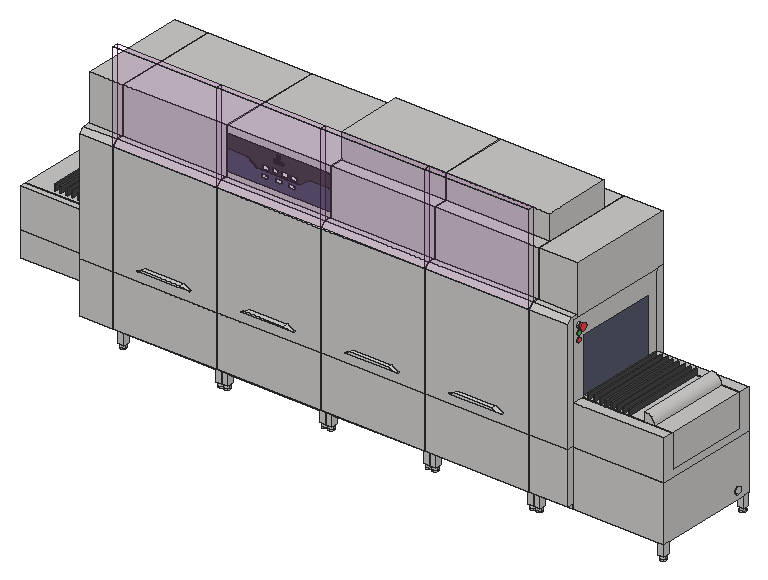
Revit family "QF_ELECTROLUXPROFESSIONAL_520047_EFTD064EL2U1D1M5EL385", category Attrezzature speciali, Revit 2020
Family settings
  Quota connettore circolare = Usa diametro
  Tipo di parte = Normale
  Basato su piano di lavoro = No
  Sempre verticale = Sì
  Taglio con vuoti quando caricato = No
  Condiviso = No
  Punto di calcolo locali = No
Parameters (values of type "Standard")
  Weight = 1158.00 kg
  Watts = 44700 W
  Volts = 380 V
  URL Manufacturer = "https://www.electroluxprofessional.com/"
  URL = "https://www.electroluxprofessional.com/"
  Steam Supply Size = 0 mm
  Steam Supply Minimum Pressure = 0.0 Pa
  Steam Supply Maximum Pressure = 0.0 Pa
  Steam Consumption per Hour = 0
  Show Logo [instance] = yes
  Show Clearance [instance] = yes
  Refrigeration Suction Line Size = 0 mm
  Refrigeration Liquid Line Size = 0 mm
  Refrigerant Compressor Remote = yes
  Prospetto di default = 0 mm
  Produttore = "Electrolux Professional"
  Phase = 3
  Modello = "EFTD064EL2U1D1M5EL385"
  Length Actual = 5150 mm  # constant formula
  Item Number = "520047"
  Hot Water Size = 0 mm
  Height Actual = 1983 mm  # constant formula
  HP = "59.9 HP"
  Gas Size = 0 mm
  Gas KW = 0
  Gas Input Pressure = 0 W
  Direct Waste Size = 50.8 mm
  Descrizione = "FT, 2TANKS, 6400D/H, EL., 950MM LOADING, 1000MM UNLOADING, 1DRYER, 55MM CONVEYOR,ESD,L>R,380V50HZ3P"
  Depth Actual = 946 mm  # constant formula
  Cycle = 50 Hz
  Condensate Return Size = 0 mm
  Compressed Air Volume = 0.0 L/s
  Compressed Air Size = 0 mm
  Compressed Air Pressure = 0.0 Pa
  Cold Water Size = 0 mm
  Accessory = yes
Reference planes
  plane 1 "Centro (Fronte/Retro)": y = 0
  plane 2: z = 0
  plane 3 "Centro (Sinistra/Destra)": x = 0
  plane 4: z = 115
Forms (mm)
  Extrusion 1, solid, material "QF_Finishes_Stainless Steel"
    sketch origin (1232.404, 2, 1806.023) x (1, 0, 0) y (0, 0, 1)
      loop
        line (407.596, -163.023) -> (407.596, -183.023) -> (427.596, -183.023) -> (427.596, -163.023) -> (407.596, -163.023)
    from 0 to 2
  Extrusion 2, solid, material "QF_Finishes_Stainless Steel"
    sketch origin (4955.617, -934.464, 1290.159) x (0, 0, -1) y (0, -1, 0)
      loop
        circle (1102.159, -772.464) r 25
    from -9.383 to 5.617
  Extrusion 3, solid, material "QF_Finishes_Stainless Steel"
    sketch origin (1892.404, 2, 337.984) x (1, 0, 0) y (0, 0, 1)
      loop
        line (407.596, -163.023) -> (407.596, -183.023) -> (427.596, -183.023) -> (427.596, -163.023) -> (407.596, -163.023)
    from 0 to 2
  Extrusion 4, solid, material "QF_Finishes_Stainless Steel"
    sketch origin (1697.841, 200.464, 109.383) x (1, 0, 0) y (0, 1, 0)
      loop
        circle (1102.159, -772.464) r 10
    from -9.383 to 5.617
Dimensions and locks
  plane 4 to level = 115 mm
  aligned and locked: level to plane 2
Nested families
  nested 1: "MODULO_CENTER_800_FAN" at (2733.563, -388.258, 0), Show Clearance <- "Show Clearance", type "MODULO_CENTER_800_FAN"
    with Show Logo yes, Show Clearance yes, R_L no, L_R yes
  nested 2: "MODULO_CENTER_800_FAN" at (3533.563, -388.258, 0), Show Clearance <- "Show Clearance", type "MODULO_CENTER_800_FAN"
    with Show Logo yes, Show Clearance yes, R_L no, L_R yes
  nested 3: "MODULO_CENTER_800" at (1933.563, -388.258, 0), Show Clearance <- "Show Clearance", type "MODULO_CENTER_800"
    with Show Logo yes, Show Clearance yes, R_L no, L_R yes
  nested 4: "MODULO_ENTRY_DISH_750" at (358.563, -388.258, 0), type "MODULO_ENTRY_DISH_750"
    with Show Logo yes, Show Clearance yes, R_L no, L_R yes
  nested 5: "MODULO_USCITA_DISH_1000" at (4308.563, -388.258, 0), type "MODULO_USCITA_DISH_1000"
    with Show Logo yes, Show Clearance yes, R_L yes, L_R no
  nested 6: "Piedino_Square_115H" at (4926.5, -73.5, 0) x (-1, 0, 0) z (0, 0, 1), type "Piedino_Square_115H"
  nested 7: "Piedino_Square_115H" at (4926.5, -838.5, 0) x (-1, 0, 0) z (0, 0, 1), type "Piedino_Square_115H"
  nested 8: "Piedino_Square_115H" at (3973.5, -73.5, 0) x (-1, 0, 0) z (0, 0, 1), type "Piedino_Square_115H"
  nested 9: "Piedino_Square_115H" at (3973.5, -838.5, 0) x (-1, 0, 0) z (0, 0, 1), type "Piedino_Square_115H"
  nested 10: "Piedino_Square_115H" at (2373.5, -838.5, 0), type "Piedino_Square_115H"
  nested 11: "Piedino_Square_115H" at (2373.5, -73.5, 0), type "Piedino_Square_115H"
  nested 12: "Piedino_Square_115H" at (3126.5, -838.5, 0), type "Piedino_Square_115H"
  nested 13: "Piedino_Square_115H" at (3126.5, -73.5, 0), type "Piedino_Square_115H"
  nested 14: "Piedino_Square_115H" at (3173.5, -838.5, 0) x (-1, 0, 0) z (0, 0, 1), type "Piedino_Square_115H"
  nested 15: "Piedino_Square_115H" at (3173.5, -73.5, 0) x (-1, 0, 0) z (0, 0, 1), type "Piedino_Square_115H"
  nested 16: "Piedino_Square_115H" at (3926.5, -838.5, 0) x (-1, 0, 0) z (0, 0, 1), type "Piedino_Square_115H"
  nested 17: "Piedino_Square_115H" at (3926.5, -73.5, 0) x (-1, 0, 0) z (0, 0, 1), type "Piedino_Square_115H"
  nested 18: "Piedino_Square_115H" at (1573.5, -838.5, 0), type "Piedino_Square_115H"
  nested 19: "Piedino_Square_115H" at (1573.5, -73.5, 0), type "Piedino_Square_115H"
  nested 20: "Piedino_Square_115H" at (2326.5, -838.5, 0), type "Piedino_Square_115H"
  nested 21: "Piedino_Square_115H" at (2326.5, -73.5, 0), type "Piedino_Square_115H"
  nested 22: "MANIGLIA_FLIGHT_400" at (1950, -912, 639.28) x (1, 0, 0) z (0, -1, 0), type "MANIGLIA_FLIGHT_400"
  nested 23: "MANIGLIA_FLIGHT_400" at (3550, -912, 639.28) x (1, 0, 0) z (0, -1, 0), type "MANIGLIA_FLIGHT_400"
  nested 24: "MANIGLIA_FLIGHT_400" at (2750, -912, 639.28) x (1, 0, 0) z (0, -1, 0), type "MANIGLIA_FLIGHT_400"
  nested 25: "MODULO_CENTER_800" at (1166.437, -388.258, 0) x (-1, 0, 0) z (0, 0, 1), Show Clearance <- "Show Clearance", type "MODULO_CENTER_800"
    with Show Logo yes, Show Clearance yes, R_L no, L_R yes
  nested 26: "Piedino_Square_115H" at (1526.5, -838.5, 0) x (-1, 0, 0) z (0, 0, 1), type "Piedino_Square_115H"
  nested 27: "Piedino_Square_115H" at (1526.5, -73.5, 0) x (-1, 0, 0) z (0, 0, 1), type "Piedino_Square_115H"
  nested 28: "Piedino_Square_115H" at (773.5, -838.5, 0) x (-1, 0, 0) z (0, 0, 1), type "Piedino_Square_115H"
  nested 29: "Piedino_Square_115H" at (773.5, -73.5, 0) x (-1, 0, 0) z (0, 0, 1), type "Piedino_Square_115H"
  nested 30: "MANIGLIA_FLIGHT_400" at (1150, -912, 639.28) x (-1, 0, 0) z (0, -1, 0), type "MANIGLIA_FLIGHT_400"
  nested 31: "Schermo_Flight_800" at (1950, -815, 1588.487) x (1, 0, 0) z (0, -1, 0), type "Schermo_Flight_800"
  nested 32: "ELX_LOGO_WORDS_WHITE" at (1950, -816.6, 1678.487) x (1, 0, 0) z (0, -1, 0), Show Logo <- "Show Logo", visible <- "Show Logo", type "ELX_LOGO_WORDS_WHITE"
    with Show Logo yes
  nested 33: "ELX_LOGO_MONO_SMALL_WHITE" at (1940.08, -816.6, 1664.487) x (-1, 0, 0) z (0, -1, 0), Show Logo <- "Show Logo", visible <- "Show Logo", type "ELX_LOGO_MONO_SMALL_WHITE"
    with Show Logo yes
Connectors
  electrical at (1650, 2, 1633)
    settings: on Extrusion 1, index 69, voltage 0 V, apparent load 0 VA, apparent load phase1 0 VA, apparent load phase2 0 VA, apparent load phase3 0 VA, power factor 1, load classification "Altro", number of poles 1, system type 30, power factor state 1, is connector primary yes, connector utility no, sub classification motor no, connector description "EI"
  piping at (4965, -162, 188), diameter 50
    settings: on Extrusion 2, index 70, connector inside diameter 609.6 mm, connector length 0 mm, flow factor 0, pipe flow 0.0 L/s, pressure drop 0.0 Pa, fitting loss kfactor 0, connector angle 0.00°, fixture units 0, engagement length 0 mm, angle of deflection 0.00°, flow configuration 0, flow direction 0, fitting loss method 0, system type 29, joint type 0, gender type 0, connector reference index -1, connector utility 0, adjustable connector no, is connector primary yes, connector description "D"
  electrical at (2310, 2, 164.961)
    settings: on Extrusion 3, index 71, voltage 0 V, apparent load 0 VA, apparent load phase1 0 VA, apparent load phase2 0 VA, apparent load phase3 0 VA, power factor 1, load classification "Altro", number of poles 1, system type 30, power factor state 1, is connector primary no, connector utility no, sub classification motor no, connector description "EQ"
  piping at (2800, -572, 100), diameter 19.1
    settings: on Extrusion 4, index 72, connector inside diameter 609.6 mm, connector length 0 mm, flow factor 0, pipe flow 0.0 L/s, pressure drop 0.0 Pa, fitting loss kfactor 0, connector angle 0.00°, fixture units 0, engagement length 0 mm, angle of deflection 0.00°, flow configuration 0, flow direction 0, fitting loss method 0, system type 29, joint type 0, gender type 0, connector reference index -1, connector utility 0, adjustable connector no, is connector primary no, connector description "HWI/CWI"
Definition of nested family "MODULO_CENTER_800_FAN"
  Parameters (values of type "MODULO_CENTER_800_FAN")
    URL = "http://professional.electrolux.com"
    Show Logo [instance] = yes
    R_L [instance] = not(L_R)  # no
    Default Elevation = 0 mm
    Manufacturer = "Electrolux"
    Model = "ESR10E5"
    Length Actual = 800 mm
    Show Clearance [instance] = yes
    L_R [instance] = yes
    Height Actual = 1792 mm
    Description = "SINGLE RINSE RT, 100R/H, ELECTRIC 50HZ"
    Depth Actual = 912 mm
  Reference planes
    plane 1 "Center X": y = -67.742
    plane 2: z = 0
    plane 3 "LEFT": x = -383.563
    plane 4 "RIGHT": x = 416.437
    plane 5 "BACK": y = 388.258
    plane 6 "FEET": z = 115
    plane 7: z = 2092
    plane 8 "TOP": z = 1792
    plane 9 "FRONT": y = -523.742
    plane 10 "Left/Right": x = 16.437
    plane 11 "TopVent": z = 1983
  Forms (mm)
    Extrusion 1, solid
      sketch origin (416.437, 479.936, 4000) x (0, 1, 0) y (0, 0, 1)
        loop
          line (-91.678, -2208) -> (-906.678, -2208) -> (-906.678, -2580) -> (-91.678, -2580) -> (-91.678, -2208)
      from -800 to 0
    Extrusion 2, solid
      sketch origin (-383.563, 437.565, 3910) x (0, 1, 0) y (0, 0, 1)
        loop
          line (-99.307, -2490) -> (-911.307, -2490) -> (-911.307, -3552) -> (-99.307, -3552) -> (-99.307, -2490)
      from 800 to 0
    Extrusion 3, solid
      sketch origin (416.437, 479.936, 4299) x (0, 1, 0) y (0, 0, 1)
        loop
          line (-278.21, -2316) -> (-803.678, -2316) -> (-803.678, -2507) -> (-278.21, -2507) -> (-278.21, -2316)
      from -800 to 0
    Extrusion 4, solid
      sketch origin (16.437, 0, 1.5) x (0, 0, 1) y (0, -1, 0)
        loop
          line (356.5, -338.258) -> (356.5, 473.742) -> (113.5, 473.742) -> (113.5, -338.258) -> (356.5, -338.258)
      from 400 to -400
    Extrusion 5, solid
      sketch origin (16.437, 0, 0) x (0, 0, 1) y (0, -1, 0)
        loop
          line (1420, -338.258) -> (545, -338.258) -> (545, -388.258) -> (1420, -388.258) -> (1420, -338.258)
      from -400 to 400
    Extrusion 6, solid
      sketch origin (16.437, 0, 0) x (0, 0, 1) y (0, -1, 0)
        loop
          line (545, -388.258) -> (545, -338.258) -> (154, -338.258) -> (154, -388.258) -> (545, -388.258)
      from -400 to 400
    Extrusion 7, solid
      sketch origin (16.437, -882.484, -150) x (0, -1, 0) y (0, 0, 1)
        loop
          line (-358.742, 304) -> (-358.742, 695) -> (-408.742, 695) -> (-408.742, 304) -> (-358.742, 304)
      from -400 to 400
    Extrusion 8, solid
      sketch origin (16.437, -882.484, -151) x (0, -1, 0) y (0, 0, 1)
        loop
          line (-408.742, 1571) -> (-408.742, 696) -> (-358.742, 696) -> (-358.742, 1556) -> (-395.742, 1593) -> (-443.742, 1593) -> (-443.742, 1571) -> (-408.742, 1571)
      from -400 to 400
    Extrusion 9, solid, visible <- "Show Clearance"
      sketch origin (16.437, -882.484, 452) x (0, -1, 0) y (0, 0, 1)
        loop
          line (-408.742, 1640) -> (-408.742, 953.624) -> (-358.742, 953.624) -> (-358.742, 1640) -> (-408.742, 1640)
      from -400 to 400
  Dimensions and locks
    plane 3 "LEFT" to plane 4 "RIGHT" = 800 mm
    plane 5 "BACK" to plane 1 "Center X" to plane 9 "FRONT" = 456 mm, 456 mm
    plane 6 "FEET" to level = 115 mm  (x2)
    plane 6 "FEET" to plane 8 "TOP" = 1677 mm
    plane 5 "BACK" to plane 9 "FRONT" = 912 mm  (x2)
    plane 4 "RIGHT" to plane 3 "LEFT" = 800 mm
    plane 9 "FRONT" to plane 5 "BACK" = 912 mm
    level to plane 8 "TOP" = 1792 mm  (x2)
    plane 7 to level = 2092 mm
    plane 11 "TopVent" to plane 2 = 1983 mm
    plane 7 to plane 2 = 2092 mm
    Extrusion 2 to level = 1420 mm
    Extrusion 8 to level = 1442 mm
    plane 11 "TopVent" to level = 1983 mm
    aligned and locked: level to plane 2
Definition of nested family "MODULO_CENTER_800"
  Parameters (values of type "MODULO_CENTER_800")
    URL = "http://professional.electrolux.com"
    Show Logo [instance] = yes
    R_L [instance] = not(L_R)  # no
    Default Elevation = 0 mm
    Manufacturer = "Electrolux"
    Model = "ESR10E5"
    Length Actual = 800 mm
    Show Clearance [instance] = yes
    L_R [instance] = yes
    Height Actual = 1792 mm
    Description = "SINGLE RINSE RT, 100R/H, ELECTRIC 50HZ"
    Depth Actual = 912 mm
  Reference planes
    plane 1 "Center X": y = -67.742
    plane 2: z = 0
    plane 3 "LEFT": x = -383.563
    plane 4 "RIGHT": x = 416.437
    plane 5 "BACK": y = 388.258
    plane 6 "FEET": z = 115
    plane 7: z = 2092
    plane 8 "TOP": z = 1792
    plane 9 "FRONT": y = -523.742
    plane 10 "Left/Right": x = 16.437
  Forms (mm)
    Extrusion 1, solid
      sketch origin (416.437, 479.936, 4000) x (0, 1, 0) y (0, 0, 1)
        loop
          line (-91.678, -2208) -> (-906.678, -2208) -> (-906.678, -2580) -> (-91.678, -2580) -> (-91.678, -2208)
      from -800 to 0
    Extrusion 2, solid
      sketch origin (-383.563, 437.565, 3915) x (0, 1, 0) y (0, 0, 1)
        loop
          line (-99.307, -2495) -> (-911.307, -2495) -> (-911.307, -3557) -> (-99.307, -3557) -> (-99.307, -2495)
      from 800 to 0
    Extrusion 3, solid
      sketch origin (16.437, 0, 1.5) x (0, 0, 1) y (0, -1, 0)
        loop
          line (356.5, -338.258) -> (356.5, 473.742) -> (113.5, 473.742) -> (113.5, -338.258) -> (356.5, -338.258)
      from 400 to -400
    Extrusion 4, solid
      sketch origin (16.437, 0, 0) x (0, 0, 1) y (0, -1, 0)
        loop
          line (1420, -338.258) -> (545, -338.258) -> (545, -388.258) -> (1420, -388.258) -> (1420, -338.258)
      from -400 to 400
    Extrusion 5, solid
      sketch origin (16.437, 0, 0) x (0, 0, 1) y (0, -1, 0)
        loop
          line (545, -388.258) -> (545, -338.258) -> (154, -338.258) -> (154, -388.258) -> (545, -388.258)
      from -400 to 400
    Extrusion 6, solid
      sketch origin (16.437, -882.484, -150) x (0, -1, 0) y (0, 0, 1)
        loop
          line (-358.742, 304) -> (-358.742, 695) -> (-408.742, 695) -> (-408.742, 304) -> (-358.742, 304)
      from -400 to 400
    Extrusion 7, solid
      sketch origin (16.437, -882.484, -151) x (0, -1, 0) y (0, 0, 1)
        loop
          line (-408.742, 1571) -> (-408.742, 696) -> (-358.742, 696) -> (-358.742, 1556) -> (-395.742, 1593) -> (-443.742, 1593) -> (-443.742, 1571) -> (-408.742, 1571)
      from -400 to 400
    Extrusion 8, solid, visible <- "Show Clearance"
      sketch origin (16.437, -882.484, 452) x (0, -1, 0) y (0, 0, 1)
        loop
          line (-408.742, 1640) -> (-408.742, 953.624) -> (-358.742, 953.624) -> (-358.742, 1640) -> (-408.742, 1640)
      from -400 to 400
  Dimensions and locks
    plane 3 "LEFT" to plane 4 "RIGHT" = 800 mm
    plane 5 "BACK" to plane 1 "Center X" to plane 9 "FRONT" = 456 mm, 456 mm
    plane 6 "FEET" to level = 115 mm  (x2)
    plane 6 "FEET" to plane 8 "TOP" = 1677 mm
    plane 5 "BACK" to plane 9 "FRONT" = 912 mm  (x2)
    plane 4 "RIGHT" to plane 3 "LEFT" = 800 mm
    plane 9 "FRONT" to plane 5 "BACK" = 912 mm
    level to plane 8 "TOP" = 1792 mm  (x2)
    plane 7 to level = 2092 mm
    plane 7 to plane 2 = 2092 mm
    Extrusion 2 to level = 1420 mm
    Extrusion 7 to level = 1442 mm
    aligned and locked: level to plane 2
Definition of nested family "MODULO_ENTRY_DISH_750"
  Parameters (values of type "MODULO_ENTRY_DISH_750")
    URL = "http://professional.electrolux.com"
    Show Logo [instance] = yes
    R_L [instance] = not(L_R)  # no
    Default Elevation = 0 mm
    Manufacturer = "Electrolux"
    Model = "ESR10E5"
    Length Actual = 800 mm
    Show Clearance [instance] = yes
    L_R [instance] = yes
    Height Actual = 1792 mm
    Description = "SINGLE RINSE RT, 100R/H, ELECTRIC 50HZ"
    Depth Actual = 912 mm
  Reference planes
    plane 1 "Center (Front/Back)": y = -67.742
    plane 2: z = 0
    plane 3 "LEFT": x = -358.563
    plane 4 "RIGHT": x = 391.437
    plane 5 "BACK": y = 388.258
    plane 6 "FRONT": y = -523.742
    plane 7 "Left/Right": x = 16.437
    plane 8 "BUTTONS": y = -427.742
    plane 9: z = 115
    plane 10 "2": y = 292.258
  Forms (mm)
    Extrusion 1, solid, visible <- "L_R"
      sketch origin (391.437, 479.936, 4000) x (0, 1, 0) y (0, 0, 1)
        loop
          line (-91.678, -2208) -> (-906.678, -2208) -> (-906.678, -2580) -> (-91.678, -2580) -> (-91.678, -2208)
      from -250 to 0
    Extrusion 2, solid
      sketch origin (-358.563, 437.565, 3910) x (0, 1, 0) y (0, 0, 1)
        loop
          line (-99.307, -2490) -> (-911.307, -2490) -> (-911.307, -3552) -> (-99.307, -3552) -> (-99.307, -2490)
      from 750 to 500
    Extrusion 3, solid
      sketch origin (-358.563, 437.565, 3910) x (0, 1, 0) y (0, 0, 1)
        loop
          line (-99.307, -3365) -> (-99.307, -3060) -> (-149.307, -3060) -> (-149.307, -3315) -> (-861.307, -3315) -> (-861.307, -3060) -> (-911.307, -3060) -> (-911.307, -3365) -> (-99.307, -3365)
      from 500 to 0
    Extrusion 4, solid
      sketch origin (16.437, 0, -4.987) x (0, 0, 1) y (0, -1, 0)
        loop
          line (362.987, -338.258) -> (362.987, 473.742) -> (119.987, 473.742) -> (119.987, -338.258) -> (362.987, -338.258)
      from 375 to 125
    Extrusion 5, solid, visible <- "L_R"
      sketch origin (16.437, 0, 0) x (0, 0, 1) y (0, -1, 0)
        loop
          line (1420, -338.258) -> (545, -338.258) -> (545, -388.258) -> (1420, -388.258) -> (1420, -338.258)
      from 125 to 375
    Extrusion 6, solid
      sketch origin (16.437, 0, 0) x (0, 0, 1) y (0, -1, 0)
        loop
          line (545, -388.258) -> (545, -338.258) -> (154, -338.258) -> (154, -388.258) -> (545, -388.258)
      from 125 to 375
    Extrusion 7, solid
      sketch origin (-358.563, 437.565, 3607.258) x (0, 1, 0) y (0, 0, 1)
        loop
          line (-99.307, -3249.258) -> (-99.307, -3062.258) -> (-911.307, -3062.258) -> (-911.307, -3249.258) -> (-99.307, -3249.258)
      from 500 to 0
    Extrusion 8, solid
      sketch origin (-358.563, 437.565, 4000) x (0, 1, 0) y (0, 0, 1)
        loop
          line (-149.307, -3150) -> (-861.307, -3150) -> (-861.307, -3405) -> (-149.307, -3405) -> (-149.307, -3150)
      from 0 to 500
    Extrusion 9, solid
      sketch origin (266.437, -882.484, -150) x (0, -1, 0) y (0, 0, 1)
        loop
          line (-358.742, 304) -> (-358.742, 695) -> (-408.742, 695) -> (-408.742, 304) -> (-358.742, 304)
      from -125 to 125
    Extrusion 10, solid, visible <- "L_R"
      sketch origin (266.437, -882.484, -151) x (0, -1, 0) y (0, 0, 1)
        loop
          line (-408.742, 1571) -> (-408.742, 696) -> (-358.742, 696) -> (-358.742, 1556) -> (-395.742, 1593) -> (-443.742, 1593) -> (-443.742, 1571) -> (-408.742, 1571)
      from -125 to 125
    Extrusion 11, solid
      sketch origin (-358.563, 437.565, 4000) x (0, 1, 0) y (0, 0, 1)
        loop
          line (-199.307, -2725.701) -> (-811.307, -2725.701) -> (-811.307, -3137.701) -> (-199.307, -3137.701) -> (-199.307, -2725.701)
      from 495.458 to 500
    Extrusion 12, solid, visible <- "R_L"
      sketch origin (266.437, 747, -151) x (0, 1, 0) y (0, 0, -1)
        loop
          line (-408.742, -1571) -> (-443.742, -1571) -> (-443.742, -1593) -> (-395.742, -1593) -> (-358.742, -1556) -> (-358.742, -696) -> (-408.742, -696) -> (-408.742, -1571)
      from -125 to 125
    Extrusion 13, solid, visible <- "R_L"
      sketch origin (16.437, -135.484, 0) x (0, 0, 1) y (0, -1, 0)
        loop
          line (1420, 338.258) -> (1420, 388.258) -> (545, 388.258) -> (545, 338.258) -> (1420, 338.258)
      from 125 to 375
    Extrusion 14, solid, visible <- "R_L"
      sketch origin (391.437, -615.42, 4000) x (0, -1, 0) y (0, 0, -1)
        loop
          line (-91.678, 2208) -> (-91.678, 2580) -> (-906.678, 2580) -> (-906.678, 2208) -> (-91.678, 2208)
      from -250 to 0
    Extrusion 15, solid
      sketch origin (-191.477, -192.742, -3) x (-1, 0, 0) y (0, 0, 1)
        loop
          line (-26.676, 853) -> (-26.676, 898) -> (-36.676, 898) -> (-36.676, 853) -> (-26.676, 853)
      from -196 to 446
    Extrusion 16, solid
      sketch origin (-146.477, -192.742, -3) x (-1, 0, 0) y (0, 0, 1)
        loop
          line (-26.676, 853) -> (-26.676, 898) -> (-36.676, 898) -> (-36.676, 853) -> (-26.676, 853)
      from -196 to 446
    Extrusion 17, solid
      sketch origin (-101.477, -192.742, -3) x (-1, 0, 0) y (0, 0, 1)
        loop
          line (-26.676, 853) -> (-26.676, 898) -> (-36.676, 898) -> (-36.676, 853) -> (-26.676, 853)
      from -196 to 446
    Extrusion 18, solid
      sketch origin (-56.477, -192.742, -3) x (-1, 0, 0) y (0, 0, 1)
        loop
          line (-26.676, 853) -> (-26.676, 898) -> (-36.676, 898) -> (-36.676, 853) -> (-26.676, 853)
      from -196 to 446
    Extrusion 19, solid
      sketch origin (-11.477, -192.742, -3) x (-1, 0, 0) y (0, 0, 1)
        loop
          line (-26.676, 853) -> (-26.676, 898) -> (-36.676, 898) -> (-36.676, 853) -> (-26.676, 853)
      from -196 to 446
    Extrusion 20, solid
      sketch origin (33.523, -192.742, -3) x (-1, 0, 0) y (0, 0, 1)
        loop
          line (-26.676, 853) -> (-26.676, 898) -> (-36.676, 898) -> (-36.676, 853) -> (-26.676, 853)
      from -196 to 446
  Dimensions and locks
    plane 3 "LEFT" to plane 4 "RIGHT" = 750 mm
    plane 5 "BACK" to plane 1 "Center (Front/Back)" to plane 6 "FRONT" = 456 mm, 456 mm
    plane 5 "BACK" to plane 6 "FRONT" = 912 mm  (x2)
    plane 4 "RIGHT" to plane 3 "LEFT" = 750 mm  (x2)
    plane 6 "FRONT" to plane 5 "BACK" = 912 mm
    plane 9 to level = 115 mm
    Extrusion 1 to level = 1792 mm
    Extrusion 3 to level = 850 mm
    aligned and locked: level to plane 2
  Nested families
    nested 1: "BOTTONE_RED_STOP" at (141.437, -427.742, 1266.906) x (0, -1, 0) z (-1, 0, 0), visible <- "L_R", type "BOTTONE_RED_STOP"
    nested 2: "BOTTONE_EMERGENCY_STOP" at (141.437, -427.742, 1370) x (0, -1, 0) z (-1, 0, 0), visible <- "L_R", type "BOTTONE_EMERGENCY_STOP"
    nested 3: "BOTTONE_GREEN_START" at (141.437, -427.742, 1316.906) x (0, -1, 0) z (-1, 0, 0), visible <- "L_R", type "BOTTONE_GREEN_START"
    nested 4: "BOTTONE_RED_STOP" at (141.437, 292.258, 1267.906) x (0, 1, 0) z (-1, 0, 0), visible <- "R_L", type "BOTTONE_RED_STOP"
    nested 5: "BOTTONE_EMERGENCY_STOP" at (141.437, 292.258, 1371) x (0, 1, 0) z (-1, 0, 0), visible <- "R_L", type "BOTTONE_EMERGENCY_STOP"
    nested 6: "BOTTONE_GREEN_START" at (141.437, 292.258, 1317.906) x (0, 1, 0) z (-1, 0, 0), visible <- "R_L", type "BOTTONE_GREEN_START"
  Definition of nested family "BOTTONE_RED_STOP"
    Parameters (values of type "BOTTONE_RED_STOP")
      Default Elevation = 1219.2 mm
    Reference planes
      plane 1 "Centro (Fronte/Retro)": y = 0
      plane 2: z = 0
      plane 3 "Centro (Sinistra/Destra)": x = 0
    Forms (mm)
      Extrusion 1, solid
        sketch origin (0, 0, 0) x (1, 0, 0) y (0, 1, 0)
          loop
            line (-1219.2, 1219.2) -> (-1219.2, -1219.2) -> (1219.2, -1219.2) -> (1219.2, 1219.2) -> (-1219.2, 1219.2)
        from 0 to -304.8
      Extrusion 2, solid
        sketch origin (-367.513, 69.533, 15) x (-1, 0, 0) y (0, 1, 0)
          loop
            circle (-367.513, -69.533) r 15
        from 0 to 15
    Dimensions and locks
      aligned and locked: plane 2 to Extrusion 1
      aligned and locked: level to Extrusion 1
  Definition of nested family "BOTTONE_EMERGENCY_STOP"
    Parameters
      Default Elevation = 1219.2 mm
    Reference planes
      plane 1 "Centro (Fronte/Retro)": y = 0
      plane 2: z = 0
      plane 3 "Centro (Sinistra/Destra)": x = 0
    Forms (mm)
      Extrusion 1, solid
        sketch origin (0, 0, 0) x (1, 0, 0) y (0, 1, 0)
          loop
            line (-1219.2, 1219.2) -> (-1219.2, -1219.2) -> (1219.2, -1219.2) -> (1219.2, 1219.2) -> (-1219.2, 1219.2)
        from 0 to -304.8
      Extrusion 2, solid
        sketch origin (0, 0, 0) x (1, 0, 0) y (0, 1, 0)
          loop
            circle (0, 0) r 15
        from 0 to 20.273
      Blend 3, solid
        base sketch origin (-49.801, 0, 0) x (1, 0, 0) y (0, 1, 0)
          loop
            circle (49.801, 0) r 15
        top sketch origin (-49.801, 0, 0) x (1, 0, 0) y (0, 1, 0)
          loop
            circle (49.801, 0) r 25
        from 20.273 to 47.605
    Dimensions and locks
      aligned and locked: plane 2 to Extrusion 1
      aligned and locked: level to Extrusion 1
  Definition of nested family "BOTTONE_GREEN_START"
    Parameters (values of type "BOTTONE_GREEN_START")
      Default Elevation = 1219.2 mm
    Reference planes
      plane 1 "Centro (Fronte/Retro)": y = 0
      plane 2: z = 0
      plane 3 "Centro (Sinistra/Destra)": x = 0
    Forms (mm)
      Extrusion 1, solid
        sketch origin (0, 0, 0) x (1, 0, 0) y (0, 1, 0)
          loop
            line (-1219.2, 1219.2) -> (-1219.2, -1219.2) -> (1219.2, -1219.2) -> (1219.2, 1219.2) -> (-1219.2, 1219.2)
        from 0 to -304.8
      Extrusion 2, solid
        sketch origin (-367.513, 69.533, 15) x (-1, 0, 0) y (0, 1, 0)
          loop
            circle (-367.513, -69.533) r 15
        from 0 to 15
    Dimensions and locks
      aligned and locked: plane 2 to Extrusion 1
      aligned and locked: level to Extrusion 1
Definition of nested family "MODULO_USCITA_DISH_1000"
  Parameters (values of type "MODULO_USCITA_DISH_1000")
    URL = "http://professional.electrolux.com"
    Show Logo [instance] = yes
    R_L [instance] = not(L_R)  # yes
    Default Elevation = 0 mm
    Manufacturer = "Electrolux"
    Model = "ESR10E5"
    Length Actual = 800 mm
    Show Clearance [instance] = yes
    L_R [instance] = no
    Height Actual = 1792 mm
    Description = "SINGLE RINSE RT, 100R/H, ELECTRIC 50HZ"
    Depth Actual = 912 mm
  Reference planes
    plane 1 "Center (Front/Back)": y = -67.742
    plane 2: z = 0
    plane 3 "LEFT": x = -358.563
    plane 4 "BACK": y = 388.258
    plane 5 "FEET": z = 115
    plane 6 "TOP": z = 1792
    plane 7 "FRONT": y = -523.742
    plane 8 "Left/Right": x = 16.437
    plane 9: x = -358.563
    plane 10: y = -427.742
    plane 11 "RIGHT": x = 641.437
  Forms (mm)
    Extrusion 1, solid, visible <- "R_L"
      sketch origin (-358.563, 479.936, 4003) x (0, 1, 0) y (0, 0, -1)
        loop
          line (-91.678, 2211) -> (-91.678, 2583) -> (-906.678, 2583) -> (-906.678, 2211) -> (-91.678, 2211)
      from -300 to 0
    Extrusion 2, solid
      sketch origin (-358.563, 437.565, 4003) x (0, 1, 0) y (0, 0, 1)
        loop
          line (-99.307, -3458) -> (-911.307, -3458) -> (-911.307, -3888) -> (-99.307, -3888) -> (-99.307, -3458)
      from 300 to 0
    Extrusion 3, solid
      sketch origin (-358.563, 479.936, 4003) x (0, 1, 0) y (0, 0, -1)
        loop
          line (-141.678, 2583) -> (-141.678, 3458) -> (-953.678, 3458) -> (-953.678, 2583) -> (-141.678, 2583)
      from -300 to 0
    Extrusion 4, solid
      sketch origin (391.437, 437.565, 3913) x (0, 1, 0) y (0, 0, -1)
        loop
          line (-99.307, 3368) -> (-911.307, 3368) -> (-911.307, 3063) -> (-826.307, 3063) -> (-826.307, 3318) -> (-184.307, 3318) -> (-184.307, 3063) -> (-99.307, 3063) -> (-99.307, 3368)
      from 450 to -250
    Extrusion 5, solid, visible <- "R_L"
      sketch origin (16.437, 0, 3) x (0, 0, 1) y (0, 1, 0)
        loop
          line (1417, 338.258) -> (1417, 388.258) -> (542, 388.258) -> (542, 338.258) -> (1417, 338.258)
      from 75 to 375
    Extrusion 6, solid
      sketch origin (16.437, 0, 3) x (0, 0, 1) y (0, 1, 0)
        loop
          line (542, 388.258) -> (151, 388.258) -> (151, 338.258) -> (542, 338.258) -> (542, 388.258)
      from 75 to 375
    Extrusion 7, solid
      sketch origin (391.437, 437.565, 3610.258) x (0, 1, 0) y (0, 0, -1)
        loop
          line (-99.307, 3495.258) -> (-911.307, 3495.258) -> (-911.307, 3065.258) -> (-99.307, 3065.258) -> (-99.307, 3495.258)
      from 450 to -250
    Extrusion 8, solid
      sketch origin (641.437, 0, 3) x (0, 1, 0) y (0, 0, 1)
        loop
          line (253.258, 847) -> (-388.742, 847) -> (-388.742, 592) -> (253.258, 592) -> (253.258, 847)
      from 0 to -700
    Extrusion 9, solid
      sketch origin (-358.563, 437.565, 3928) x (0, 1, 0) y (0, 0, 1)
        loop
          line (-811.307, -3065.701) -> (-199.307, -3065.701) -> (-199.307, -2653.701) -> (-811.307, -2653.701) -> (-811.307, -3065.701)
      from 300 to 304.77
    Extrusion 10, solid
      sketch origin (-208.563, -115, -147) x (0, 1, 0) y (0, 0, 1)
        loop
          line (-358.742, 301) -> (-358.742, 692) -> (-408.742, 692) -> (-408.742, 301) -> (-358.742, 301)
      from -150 to 150
    Extrusion 11, solid, visible <- "R_L"
      sketch origin (-208.563, -882.484, -151) x (0, -1, 0) y (0, 0, 1)
        loop
          line (-408.742, 1571) -> (-408.742, 696) -> (-358.742, 696) -> (-358.742, 1556) -> (-395.742, 1593) -> (-443.742, 1593) -> (-443.742, 1571) -> (-408.742, 1571)
      from -150 to 150
    Extrusion 12, solid
      sketch origin (-39.574, -192.742, -3) x (-1, 0, 0) y (0, 0, 1)
        loop
          line (-26.676, 853) -> (-26.676, 898) -> (-36.676, 898) -> (-36.676, 853) -> (-26.676, 853)
      from -196 to 446
    Extrusion 13, solid
      sketch origin (5.426, -192.742, -3) x (-1, 0, 0) y (0, 0, 1)
        loop
          line (-26.676, 853) -> (-26.676, 898) -> (-36.676, 898) -> (-36.676, 853) -> (-26.676, 853)
      from -196 to 446
    Extrusion 14, solid
      sketch origin (50.426, -192.742, -3) x (-1, 0, 0) y (0, 0, 1)
        loop
          line (-26.676, 853) -> (-26.676, 898) -> (-36.676, 898) -> (-36.676, 853) -> (-26.676, 853)
      from -196 to 446
    Extrusion 15, solid
      sketch origin (95.426, -192.742, -3) x (-1, 0, 0) y (0, 0, 1)
        loop
          line (-26.676, 853) -> (-26.676, 898) -> (-36.676, 898) -> (-36.676, 853) -> (-26.676, 853)
      from -196 to 446
    Extrusion 16, solid
      sketch origin (140.426, -192.742, -3) x (-1, 0, 0) y (0, 0, 1)
        loop
          line (-26.676, 853) -> (-26.676, 898) -> (-36.676, 898) -> (-36.676, 853) -> (-26.676, 853)
      from -196 to 446
    Extrusion 17, solid
      sketch origin (185.426, -192.742, -3) x (-1, 0, 0) y (0, 0, 1)
        loop
          line (-26.676, 853) -> (-26.676, 898) -> (-36.676, 898) -> (-36.676, 853) -> (-26.676, 853)
      from -196 to 446
    Extrusion 18, solid
      sketch origin (230.426, -192.742, -3) x (-1, 0, 0) y (0, 0, 1)
        loop
          line (-26.676, 853) -> (-26.676, 898) -> (-36.676, 898) -> (-36.676, 853) -> (-26.676, 853)
      from -196 to 446
    Extrusion 19, solid
      sketch origin (275.426, -192.742, -3) x (-1, 0, 0) y (0, 0, 1)
        loop
          line (-26.676, 853) -> (-26.676, 898) -> (-36.676, 898) -> (-36.676, 853) -> (-26.676, 853)
      from -196 to 446
    Revolve 20, solid
      sketch origin (0, 0, 850) x (1, 0, 0) y (0, 1, 0)
        loop
          line (430.204, 253.258) -> (430.204, -388.742) -> (502.335, -388.742) -> (502.335, 253.258) -> (430.204, 253.258)
        axis (430.204, 253.258) -> (430.204, -388.742)
      angle from 0 to -90
    Extrusion 21, solid, visible <- "L_R"
      sketch origin (-208.563, 747, -151) x (0, 1, 0) y (0, 0, -1)
        loop
          line (-408.742, -1571) -> (-443.742, -1571) -> (-443.742, -1593) -> (-395.742, -1593) -> (-358.742, -1556) -> (-358.742, -696) -> (-408.742, -696) -> (-408.742, -1571)
      from -150 to 150
    Extrusion 22, solid, visible <- "L_R"
      sketch origin (16.437, -135.484, 3) x (0, 0, 1) y (0, 1, 0)
        loop
          line (1417, -338.258) -> (542, -338.258) -> (542, -388.258) -> (1417, -388.258) -> (1417, -338.258)
      from 75 to 375
    Extrusion 23, solid, visible <- "L_R"
      sketch origin (-358.563, -615.42, 4003) x (0, -1, 0) y (0, 0, 1)
        loop
          line (-91.678, -2211) -> (-906.678, -2211) -> (-906.678, -2583) -> (-91.678, -2583) -> (-91.678, -2211)
      from -300 to 0
  Dimensions and locks
    plane 4 "BACK" to plane 1 "Center (Front/Back)" to plane 7 "FRONT" = 456 mm, 456 mm
    plane 5 "FEET" to level = 115 mm  (x2)
    plane 4 "BACK" to plane 7 "FRONT" = 912 mm  (x2)
    plane 7 "FRONT" to plane 4 "BACK" = 912 mm
    level to plane 6 "TOP" = 1792 mm
    plane 3 "LEFT" to plane 8 "Left/Right" = 375 mm
    plane 8 "Left/Right" to plane 11 "RIGHT" = 625 mm
    plane 3 "LEFT" to plane 11 "RIGHT" = 1000 mm
    plane 9 to plane 11 "RIGHT" = 1000 mm
    plane 6 "TOP" to level = 1792 mm
    aligned and locked: level to plane 2
  Nested families
    nested 1: "BOTTONE_EMERGENCY_STOP" at (-58.563, -427.742, 1369) x (0, -1, 0) z (1, 0, 0), visible <- "R_L", type "BOTTONE_EMERGENCY_STOP"
    nested 2: "BOTTONE_GREEN_START" at (-58.563, -427.742, 1315.906) x (0, -1, 0) z (1, 0, 0), visible <- "R_L", type "BOTTONE_GREEN_START"
    nested 3: "BOTTONE_RED_STOP" at (-58.563, -427.742, 1265.906) x (0, -1, 0) z (1, 0, 0), visible <- "R_L", type "BOTTONE_RED_STOP"
    nested 4: "BOTTONE_EMERGENCY_STOP" at (-58.563, 292.258, 1369) x (0, 1, 0) z (1, 0, 0), visible <- "L_R", type "BOTTONE_EMERGENCY_STOP"
    nested 5: "BOTTONE_GREEN_START" at (-58.563, 292.258, 1315.906) x (0, 1, 0) z (1, 0, 0), visible <- "L_R", type "BOTTONE_GREEN_START"
    nested 6: "BOTTONE_RED_STOP" at (-58.563, 292.258, 1265.906) x (0, 1, 0) z (1, 0, 0), visible <- "L_R", type "BOTTONE_RED_STOP"
  Definition of nested family "BOTTONE_EMERGENCY_STOP"
    Parameters
      Default Elevation = 1219.2 mm
    Reference planes
      plane 1 "Centro (Fronte/Retro)": y = 0
      plane 2: z = 0
      plane 3 "Centro (Sinistra/Destra)": x = 0
    Forms (mm)
      Extrusion 1, solid
        sketch origin (0, 0, 0) x (1, 0, 0) y (0, 1, 0)
          loop
            line (-1219.2, 1219.2) -> (-1219.2, -1219.2) -> (1219.2, -1219.2) -> (1219.2, 1219.2) -> (-1219.2, 1219.2)
        from 0 to -304.8
      Extrusion 2, solid
        sketch origin (0, 0, 0) x (1, 0, 0) y (0, 1, 0)
          loop
            circle (0, 0) r 15
        from 0 to 20.273
      Blend 3, solid
        base sketch origin (-49.801, 0, 0) x (1, 0, 0) y (0, 1, 0)
          loop
            circle (49.801, 0) r 15
        top sketch origin (-49.801, 0, 0) x (1, 0, 0) y (0, 1, 0)
          loop
            circle (49.801, 0) r 25
        from 20.273 to 47.605
    Dimensions and locks
      aligned and locked: plane 2 to Extrusion 1
      aligned and locked: level to Extrusion 1
  Definition of nested family "BOTTONE_GREEN_START"
    Parameters (values of type "BOTTONE_GREEN_START")
      Default Elevation = 1219.2 mm
    Reference planes
      plane 1 "Centro (Fronte/Retro)": y = 0
      plane 2: z = 0
      plane 3 "Centro (Sinistra/Destra)": x = 0
    Forms (mm)
      Extrusion 1, solid
        sketch origin (0, 0, 0) x (1, 0, 0) y (0, 1, 0)
          loop
            line (-1219.2, 1219.2) -> (-1219.2, -1219.2) -> (1219.2, -1219.2) -> (1219.2, 1219.2) -> (-1219.2, 1219.2)
        from 0 to -304.8
      Extrusion 2, solid
        sketch origin (-367.513, 69.533, 15) x (-1, 0, 0) y (0, 1, 0)
          loop
            circle (-367.513, -69.533) r 15
        from 0 to 15
    Dimensions and locks
      aligned and locked: plane 2 to Extrusion 1
      aligned and locked: level to Extrusion 1
  Definition of nested family "BOTTONE_RED_STOP"
    Parameters (values of type "BOTTONE_RED_STOP")
      Default Elevation = 1219.2 mm
    Reference planes
      plane 1 "Centro (Fronte/Retro)": y = 0
      plane 2: z = 0
      plane 3 "Centro (Sinistra/Destra)": x = 0
    Forms (mm)
      Extrusion 1, solid
        sketch origin (0, 0, 0) x (1, 0, 0) y (0, 1, 0)
          loop
            line (-1219.2, 1219.2) -> (-1219.2, -1219.2) -> (1219.2, -1219.2) -> (1219.2, 1219.2) -> (-1219.2, 1219.2)
        from 0 to -304.8
      Extrusion 2, solid
        sketch origin (-367.513, 69.533, 15) x (-1, 0, 0) y (0, 1, 0)
          loop
            circle (-367.513, -69.533) r 15
        from 0 to 15
    Dimensions and locks
      aligned and locked: plane 2 to Extrusion 1
      aligned and locked: level to Extrusion 1
Definition of nested family "Piedino_Square_115H"
  Parameters (values of type "Piedino_Square_115H")
    Default Elevation = 0 mm
  Reference planes
    plane 1 "Centro (Fronte/Retro)": y = 0
    plane 2: z = 0
    plane 3 "Centro (Sinistra/Destra)": x = 0
    plane 4: z = 115
  Forms (mm)
    Extrusion 1, solid
      sketch origin (0, 0, 0) x (1, 0, 0) y (0, 1, 0)
        loop
          circle (0, 0) r 23
      from 0 to 5
    Extrusion 2, solid
      sketch origin (0, 0, 5) x (1, 0, 0) y (0, 1, 0)
        loop
          circle (0, 0) r 20
      from 0 to 25.777
    Extrusion 3, solid
      sketch origin (0, 0, 30.777) x (1, 0, 0) y (0, 1, 0)
        loop
          line (-23.5, 23.5) -> (-23.5, -23.5) -> (23.5, -23.5) -> (23.5, 23.5) -> (-23.5, 23.5)
      from 0 to 84.223
  Dimensions and locks
    plane 4 to level = 115 mm  (x2)
    radius of Extrusion 1 sketch curve = 23 mm
    aligned and locked: level to plane 2
    aligned and locked: Extrusion 1 to level
Definition of nested family "MANIGLIA_FLIGHT_400"
  Parameters
    Default Elevation = 1219.2 mm
  Reference planes
    plane 1 "Centro (Fronte/Retro)": y = 0
    plane 2: z = 0
    plane 3 "Centro (Sinistra/Destra)": x = 0
  Forms (mm)
    Extrusion 1, solid
      sketch origin (0, 0, 0) x (1, 0, 0) y (0, 1, 0)
        loop
          line (-1219.2, 1219.2) -> (-1219.2, -1219.2) -> (1219.2, -1219.2) -> (1219.2, 1219.2) -> (-1219.2, 1219.2)
      from 0 to -304.8
    Extrusion 2, solid
      sketch origin (-503, 656.113, -50) x (-1, 0, 0) y (0, 1, 0)
        loop
          line (-651.038, -638.613) -> (-703, -668.613) -> (-703, -673.613) -> (-658.503, -673.613) -> (-623.862, -653.613) -> (-382.138, -653.613) -> (-347.497, -673.613) -> (-303, -673.613) -> (-303, -668.613) -> (-354.962, -638.613) -> (-651.038, -638.613)
      from -86.258 to -50
    Extrusion 3, void
      sketch origin (0, -681.887, 358.742) x (0, 0, 1) y (0, 1, 0)
        loop
          line (-322.484, 684.387) -> (-353.281, 664.387) -> (-322.484, 664.387) -> (-322.484, 684.387)
      from -200 to 200
  Cuts and joins
    Extrusion 3 cuts Extrusion 2
  Dimensions and locks
    cut or joined group of Extrusion 2, Extrusion 3 to cut or joined group of Extrusion 2, Extrusion 3 = 400 mm
    cut or joined group of Extrusion 2, Extrusion 3 to cut or joined group of Extrusion 2, Extrusion 3 = 35 mm
    aligned and locked: plane 2 to Extrusion 1
    aligned and locked: level to Extrusion 1
Definition of nested family "Schermo_Flight_800"
  Parameters (values of type "Schermo_Flight_800")
    Default Elevation = 1219.2 mm
  Reference planes
    plane 1 "Center (Front/Back)": y = 0
    plane 2: z = 0
    plane 3 "Center (Left/Right)": x = 0
  Forms (mm)
    Extrusion 1, solid
      sketch origin (0, 0, 0) x (1, 0, 0) y (0, 1, 0)
        loop
          line (-1219.2, 1219.2) -> (-1219.2, -1219.2) -> (1219.2, -1219.2) -> (1219.2, 1219.2) -> (-1219.2, 1219.2)
      from 0 to -304.8
    Extrusion 2, solid
      sketch origin (0, -25, 0) x (1, 0, 0) y (0, 1, 0)
        loop
          line (-400, -82.94) -> (400, -82.94) -> (400, 70.507) -> (238.561, 70.507) -> (167.154, 20.507) -> (-167.154, 20.507) -> (-238.561, 70.507) -> (-400, 70.507) -> (-400, -82.94)
        loop
          line (-126.915, -7.668) -> (-126.915, -27.668) -> (-81.915, -27.668) -> (-81.915, -7.668) -> (-126.915, -7.668)
        loop
          line (-22.5, -7.668) -> (-22.5, -27.668) -> (22.5, -27.668) -> (22.5, -7.668) -> (-22.5, -7.668)
        loop
          line (126.915, -7.668) -> (81.915, -7.668) -> (81.915, -27.668) -> (126.915, -27.668) -> (126.915, -7.668)
      from 0 to 1.6
    Extrusion 3, solid
      sketch origin (0, -25, 0) x (1, 0, 0) y (0, 1, 0)
        loop
          line (-400, 177.06) -> (-400, 70.507) -> (-238.561, 70.507) -> (-167.154, 20.507) -> (167.154, 20.507) -> (238.561, 70.507) -> (400, 70.507) -> (400, 177.06) -> (-400, 177.06)
        loop
          line (-117.417, 56.68) -> (-117.417, 31.68) -> (-77.417, 31.68) -> (-77.417, 56.68) -> (-117.417, 56.68)
        loop
          line (-47.417, 56.68) -> (-47.417, 31.68) -> (-7.417, 31.68) -> (-7.417, 56.68) -> (-47.417, 56.68)
        loop
          line (27.583, 56.68) -> (27.583, 31.68) -> (67.583, 31.68) -> (67.583, 56.68) -> (27.583, 56.68)
        loop
          line (97.583, 56.68) -> (97.583, 31.68) -> (137.583, 31.68) -> (137.583, 56.68) -> (97.583, 56.68)
      from 0 to 1.6
    Extrusion 4, solid
      sketch origin (0, 0, 0) x (1, 0, 0) y (0, 1, 0)
        loop
          line (-117.417, 31.68) -> (-117.417, 6.68) -> (-77.417, 6.68) -> (-77.417, 31.68) -> (-117.417, 31.68)
        loop
          line (-47.417, 31.68) -> (-47.417, 6.68) -> (-7.417, 6.68) -> (-7.417, 31.68) -> (-47.417, 31.68)
        loop
          line (27.583, 31.68) -> (27.583, 6.68) -> (67.583, 6.68) -> (67.583, 31.68) -> (27.583, 31.68)
        loop
          line (97.583, 31.68) -> (97.583, 6.68) -> (137.583, 6.68) -> (137.583, 31.68) -> (97.583, 31.68)
        loop
          line (-126.915, -32.668) -> (-126.915, -52.668) -> (-81.915, -52.668) -> (-81.915, -32.668) -> (-126.915, -32.668)
        loop
          line (-22.5, -32.668) -> (-22.5, -52.668) -> (22.5, -52.668) -> (22.5, -32.668) -> (-22.5, -32.668)
        loop
          line (81.915, -32.668) -> (81.915, -52.668) -> (126.915, -52.668) -> (126.915, -32.668) -> (81.915, -32.668)
      from 0 to 1.6
  Dimensions and locks
    Extrusion 3 to Extrusion 3 = 800 mm
    Extrusion 2 to Extrusion 3 = 260 mm
    aligned and locked: plane 2 to Extrusion 1
    aligned and locked: level to Extrusion 1
Definition of nested family "ELX_LOGO_WORDS_WHITE"
  Parameters (values of type "ELX_LOGO_WORDS_WHITE")
    Show Logo [instance] = yes
    Default Elevation = 0 mm
  Reference planes
    plane 1 "Centro (Fronte/Retro)": y = 0
    plane 2: z = 0
    plane 3 "Centro (Sinistra/Destra)": x = 0
  Forms (mm)
    Extrusion 1, solid
      sketch origin (0, 0, 0) x (1, 0, 0) y (0, 1, 0)
        loop
          line (-1219.2, 1219.2) -> (-1219.2, -1219.2) -> (1219.2, -1219.2) -> (1219.2, 1219.2) -> (-1219.2, 1219.2)
      from 0 to -304.8
    Extrusion 2, solid, visible <- "Show Logo"
      sketch origin (0, 0, 0) x (1, 0, 0) y (0, 1, 0)
        loop
          line (-30.234, 10.561) -> (-37.67, 10.561) -> (-37.67, 1.902)
          arc (-37.67, 1.902) -> (-36.691, -0.461) -> (-34.329, -1.439) r 3.341
          line (-34.329, -1.439) -> (-30.09, -1.439) -> (-30.09, 0.503) -> (-33.845, 0.503)
          arc (-33.845, 0.503) -> (-35.079, 0.92) -> (-35.604, 2.112) r 1.615
          line (-35.604, 2.112) -> (-35.604, 3.829) -> (-30.555, 3.829) -> (-30.555, 5.779) -> (-35.604, 5.779) -> (-35.604, 8.617) -> (-30.234, 8.617) -> (-30.234, 10.561)
        loop
          line (-28.622, 10.561) -> (-28.622, -1.439) -> (-26.555, -1.439) -> (-26.555, 10.561) -> (-28.622, 10.561)
        loop
          line (16.27, 10.561) -> (16.27, -1.439) -> (18.338, -1.439) -> (18.338, 10.561) -> (16.27, 10.561)
        loop
          line (-23.137, 2.393) -> (-16.354, 2.393)
          arc (-16.354, 2.393) -> (-17.415, 6.119) -> (-21.043, 7.478) r 4.298
          arc (-21.043, 7.478) -> (-24.239, 5.857) -> (-25.151, 2.393) r 4.373
          arc (-25.151, 2.393) -> (-23.951, -0.505) -> (-21.053, -1.705) r 4.097
          arc (-21.053, -1.705) -> (-18.799, -1.372) -> (-16.908, -0.099) r 5.15
          line (-16.908, -0.099) -> (-18.133, 1.125)
          arc (-18.133, 1.125) -> (-19.74, 0.161) -> (-21.607, 0.323) r 3.039
          arc (-21.607, 0.323) -> (-22.746, 1.081) -> (-23.137, 2.393) r 2.013
        loop
          line (-23.085, 3.846) -> (-18.431, 3.846)
          arc (-18.431, 3.846) -> (-19.084, 5.22) -> (-20.519, 5.727) r 1.983
          arc (-20.519, 5.727) -> (-22.175, 5.295) -> (-23.085, 3.846) r 2.321
        loop
          line (-8.297, 4.711) -> (-6.999, 6.009)
          arc (-6.999, 6.009) -> (-8.627, 7.187) -> (-10.604, 7.539) r 4.497
          arc (-10.604, 7.539) -> (-13.621, 6.437) -> (-15.204, 3.642) r 4.652
          arc (-15.204, 3.642) -> (-12.536, -1.257) -> (-7.072, -0.127) r 4.684
          line (-7.072, -0.127) -> (-8.363, 1.163)
          arc (-8.363, 1.163) -> (-11.149, 0.242) -> (-13.145, 2.393) r 2.714
          arc (-13.145, 2.393) -> (-13.006, 4.094) -> (-11.835, 5.335) r 2.578
          arc (-11.835, 5.335) -> (-9.96, 5.621) -> (-8.297, 4.711) r 2.961
        loop
          line (-5.73, 10.561) -> (-5.73, 2.36)
          arc (-5.73, 2.36) -> (-5.551, 1.13) -> (-5.09, -0.025) r 5.301
          arc (-5.09, -0.025) -> (-3.615, -1.198) -> (-1.746, -1.445) r 3.531
          line (-1.746, -1.445) -> (-1.746, 0.492)
          arc (-1.746, 0.492) -> (-2.302, 0.534) -> (-2.82, 0.74) r 1.862
          arc (-2.82, 0.74) -> (-3.484, 1.442) -> (-3.662, 2.393) r 1.713
          line (-3.662, 2.393) -> (-3.662, 5.362) -> (-1.785, 5.362) -> (-1.785, 7.24) -> (-3.662, 7.24) -> (-3.662, 10.561) -> (-5.73, 10.561)
        loop
          arc (2.004, 3.123) -> (2.152, 3.988) -> (2.578, 4.755) r 2.607
          arc (2.578, 4.755) -> (3.817, 5.391) -> (5.208, 5.362) r 2.84
          line (5.208, 5.362) -> (5.208, 7.349)
          arc (5.208, 7.349) -> (3.39, 7.177) -> (2.004, 5.989) r 3.016
          line (2.004, 5.989) -> (2.004, 7.24) -> (-0.046, 7.24) -> (-0.046, -1.439) -> (2.004, -1.439) -> (2.004, 3.123)
        loop
          circle (10.262, 2.899) r 4.599
        loop
          circle (10.262, 2.899) r 2.787
        loop
          arc (25.793, 2.175) -> (25.283, 0.772) -> (23.898, 0.213) r 1.835
          arc (23.898, 0.213) -> (22.514, 0.772) -> (22.004, 2.175) r 1.835
          line (22.004, 2.175) -> (22.004, 7.24) -> (19.919, 7.24) -> (19.919, 2.003)
          arc (19.919, 2.003) -> (21.105, -0.701) -> (23.898, -1.659) r 3.675
          arc (23.898, -1.659) -> (26.723, -0.672) -> (27.877, 2.088) r 3.675
          line (27.877, 2.088) -> (27.877, 7.24) -> (25.793, 7.24) -> (25.793, 2.175)
        loop
          line (29.126, 7.24) -> (32.128, 3.164) -> (28.83, -1.442) -> (31.052, -1.442) -> (33.241, 1.615) -> (35.462, -1.442) -> (37.67, -1.442) -> (34.419, 3.211) -> (37.392, 7.24) -> (35.135, 7.24) -> (33.234, 4.663) -> (31.362, 7.24) -> (29.126, 7.24)
        loop
          line (-35.875, -6.414) -> (-37.523, -6.414) -> (-37.523, -10.564) -> (-36.621, -10.564) -> (-36.621, -9.135) -> (-35.625, -9.135)
          arc (-35.625, -9.135) -> (-34.509, -7.66) -> (-35.875, -6.414) r 1.372
        loop
          arc (-35.664, -8.32) -> (-35.322, -7.786) -> (-35.664, -7.253) r 0.587
          line (-35.664, -7.253) -> (-36.621, -7.253) -> (-36.621, -8.32) -> (-35.664, -8.32)
        loop
          line (-29.363, -6.414) -> (-31.04, -6.414) -> (-31.04, -10.564) -> (-30.138, -10.564) -> (-30.138, -9.135) -> (-29.265, -9.135) -> (-28.669, -10.564) -> (-27.7, -10.564) -> (-28.516, -8.814)
          arc (-28.516, -8.814) -> (-28.125, -8.347) -> (-27.994, -7.752) r 1.281
          arc (-27.994, -7.752) -> (-28.406, -6.804) -> (-29.363, -6.414) r 1.37
        loop
          line (-30.138, -7.253) -> (-30.138, -8.32) -> (-29.18, -8.32)
          arc (-29.18, -8.32) -> (-28.839, -7.786) -> (-29.18, -7.253) r 0.587
          line (-29.18, -7.253) -> (-30.138, -7.253)
        loop
          circle (-22.402, -8.489) r 2.156
        loop
          circle (-22.402, -8.489) r 1.368
        loop
          line (-16.703, -6.414) -> (-16.703, -10.564) -> (-15.823, -10.564) -> (-15.823, -9.114) -> (-14.261, -9.114) -> (-14.261, -8.184) -> (-15.823, -8.184) -> (-15.823, -7.308) -> (-14.111, -7.308) -> (-14.111, -6.414) -> (-16.703, -6.414)
        loop
          line (-10.611, -6.414) -> (-10.611, -9.216)
          arc (-10.611, -9.216) -> (-10.229, -10.166) -> (-9.284, -10.561) r 1.327
          line (-9.284, -10.561) -> (-7.945, -10.561) -> (-7.945, -9.777) -> (-9.204, -9.777)
          arc (-9.204, -9.777) -> (-9.668, -9.394) -> (-9.759, -8.799) r 0.845
          line (-9.759, -8.799) -> (-8.1, -8.799) -> (-8.1, -8.015) -> (-9.759, -8.015) -> (-9.759, -7.198) -> (-7.985, -7.198) -> (-7.985, -6.414) -> (-10.611, -6.414)
        loop
          arc (4.417, -6.94) -> (3.867, -6.489) -> (3.171, -6.345) r 1.485
          arc (3.171, -6.345) -> (2.528, -6.503) -> (2, -6.902) r 1.645
          arc (2, -6.902) -> (1.902, -7.844) -> (2.51, -8.571) r 1.217
          arc (2.51, -8.571) -> (3.021, -8.741) -> (3.506, -8.976) r 4.201
          arc (3.506, -8.976) -> (3.812, -9.337) -> (3.601, -9.761) r 0.43
          arc (3.601, -9.761) -> (3.209, -9.853) -> (2.819, -9.754) r 0.846
          arc (2.819, -9.754) -> (2.482, -9.511) -> (2.275, -9.15) r 0.983
          line (2.275, -9.15) -> (1.549, -9.489)
          arc (1.549, -9.489) -> (1.811, -9.993) -> (2.232, -10.374) r 1.595
          arc (2.232, -10.374) -> (2.71, -10.578) -> (3.227, -10.63) r 1.719
          arc (3.227, -10.63) -> (3.867, -10.503) -> (4.442, -10.197) r 2.246
          arc (4.442, -10.197) -> (4.697, -9.52) -> (4.566, -8.81) r 1.349
          arc (4.566, -8.81) -> (4.282, -8.482) -> (3.919, -8.245) r 1.564
          arc (3.919, -8.245) -> (3.46, -8.04) -> (2.99, -7.864) r 8.236
          arc (2.99, -7.864) -> (2.718, -7.441) -> (3.111, -7.128) r 0.375
          arc (3.111, -7.128) -> (3.581, -7.241) -> (3.943, -7.563) r 0.998
          line (3.943, -7.563) -> (4.417, -6.94)
        loop
          line (8.225, -6.414) -> (8.225, -10.561) -> (9.077, -10.561) -> (9.077, -6.414) -> (8.225, -6.414)
        loop
          circle (14.827, -8.488) r 1.29
        loop
          circle (14.827, -8.488) r 2.154
        loop
          line (20.548, -10.561) -> (21.409, -10.561) -> (21.409, -7.954) -> (23.306, -10.561) -> (24.135, -10.561) -> (24.135, -6.414) -> (23.274, -6.414) -> (23.274, -9.101) -> (21.377, -6.414) -> (20.548, -6.414) -> (20.548, -10.561)
        loop
          line (28.435, -10.561) -> (28.839, -9.667) -> (30.373, -9.667) -> (30.777, -10.561) -> (31.693, -10.561) -> (29.942, -6.414) -> (29.142, -6.414) -> (27.519, -10.561) -> (28.435, -10.561)
        loop
          line (29.99, -8.816) -> (29.579, -7.905) -> (29.18, -8.816) -> (29.99, -8.816)
        loop
          line (35.929, -9.777) -> (35.929, -6.414) -> (35.076, -6.414) -> (35.076, -10.561) -> (37.523, -10.561) -> (37.523, -9.777) -> (35.929, -9.777)
        loop
          arc (-1.8, -6.94) -> (-2.35, -6.489) -> (-3.046, -6.345) r 1.485
          arc (-3.046, -6.345) -> (-3.689, -6.503) -> (-4.218, -6.902) r 1.645
          arc (-4.218, -6.902) -> (-4.316, -7.844) -> (-3.708, -8.571) r 1.217
          arc (-3.708, -8.571) -> (-3.197, -8.741) -> (-2.712, -8.976) r 4.201
          arc (-2.712, -8.976) -> (-2.405, -9.337) -> (-2.616, -9.761) r 0.43
          arc (-2.616, -9.761) -> (-3.008, -9.853) -> (-3.399, -9.754) r 0.846
          arc (-3.399, -9.754) -> (-3.736, -9.511) -> (-3.942, -9.15) r 0.983
          line (-3.942, -9.15) -> (-4.668, -9.489)
          arc (-4.668, -9.489) -> (-4.407, -9.993) -> (-3.985, -10.374) r 1.595
          arc (-3.985, -10.374) -> (-3.507, -10.578) -> (-2.99, -10.63) r 1.719
          arc (-2.99, -10.63) -> (-2.351, -10.503) -> (-1.775, -10.197) r 2.246
          arc (-1.775, -10.197) -> (-1.521, -9.52) -> (-1.652, -8.81) r 1.349
          arc (-1.652, -8.81) -> (-1.936, -8.482) -> (-2.298, -8.245) r 1.564
          arc (-2.298, -8.245) -> (-2.757, -8.04) -> (-3.228, -7.864) r 8.236
          arc (-3.228, -7.864) -> (-3.5, -7.441) -> (-3.107, -7.128) r 0.375
          arc (-3.107, -7.128) -> (-2.636, -7.241) -> (-2.274, -7.563) r 0.998
          line (-2.274, -7.563) -> (-1.8, -6.94)
      from 0 to 1.644
  Dimensions and locks
    aligned and locked: plane 2 to Extrusion 1
    aligned and locked: level to Extrusion 1
Definition of nested family "ELX_LOGO_MONO_SMALL_WHITE"
  Parameters (values of type "ELX_LOGO_MONO_SMALL_WHITE")
    Show Logo [instance] = yes
    Default Elevation = 1219.2 mm
  Reference planes
    plane 1 "Center (Front/Back)": y = -49
    plane 2: z = 0
    plane 3 "Center (Left/Right)": x = -9.92
  Forms (mm)
    Extrusion 1, solid
      sketch origin (0, 0, 0) x (1, 0, 0) y (0, 1, 0)
        loop
          line (-1219.2, 1219.2) -> (-1219.2, -1219.2) -> (1219.2, -1219.2) -> (1219.2, 1219.2) -> (-1219.2, 1219.2)
      from 0 to -304.8
    Extrusion 2, solid, visible <- "Show Logo"
      sketch origin (84.462, 509.781, 0) x (1, 0, 0) y (0, 1, 0)
        loop
          line (-97.736, -569.727) -> (-97.736, -547.891)
          arc (-97.736, -547.891) -> (-105.808, -558.809) -> (-97.736, -569.727) r 11.42
        loop
          arc (-96.625, -569.727) -> (-87.544, -567.663) -> (-83.169, -559.442) r 11.191
          line (-83.169, -559.442) -> (-86.782, -559.442)
          arc (-86.782, -559.442) -> (-93.235, -562.062) -> (-96.625, -568.146) r 10.49
          line (-96.625, -568.146) -> (-96.625, -569.727)
        loop
          arc (-96.625, -549.472) -> (-93.235, -555.557) -> (-86.782, -558.176) r 10.49
          line (-86.782, -558.176) -> (-83.169, -558.176)
          arc (-83.169, -558.176) -> (-87.537, -549.888) -> (-96.625, -547.611) r 11.484
          line (-96.625, -547.611) -> (-96.625, -549.472)
        loop
          line (-82.34, -570.919) -> (-82.34, -546.65) -> (-106.642, -546.65) -> (-106.642, -570.919) -> (-82.34, -570.919)
      from 0 to 1.644
  Dimensions and locks
    aligned and locked: plane 2 to Extrusion 1
    aligned and locked: level to Extrusion 1
